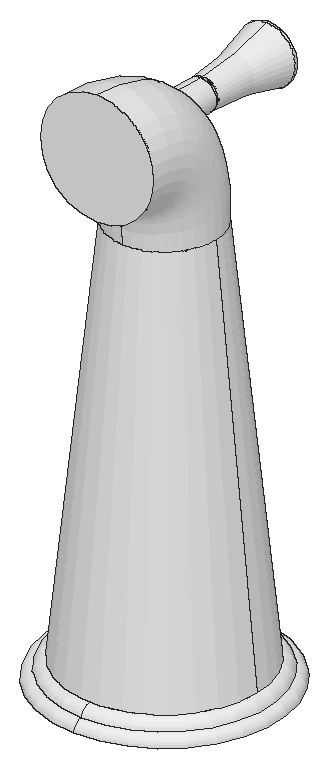
Revit family "xSpout-American_Standard-Slip_On-8888.101", category Plumbing Fixtures, host Face, Revit 2014
Parameters (values of type "8888.101")
  Width = 2 1/2"  # constant formula
  Water Connection Radius = 1/4"  # constant formula
  Water Connection Diameter = Water Connection Radius * 2  # 1/2"
  Waste Connection = yes
  Warranty Information = "Limited Lifetime Function and Finish Warranty"  # constant formula
  WFU = 4  # constant formula
  Vent Connection = no
  URL = "https://www.americanstandard-us.com/"
  Type Comments = ""
  Product Page URL = "https://www.americanstandard-us.com/bathroom/shower-faucets/patience-slip-on-diverter-tub-spout-32292"
  Product Documentation Link = "https://www.americanstandard-us.com/-/media/sites/asus/files/product-specs/tub-fillers/2017/specsheet-8888101.pdf?la=en"
  Price = "Prices may vary. Please consult Manufacturer Representative for most up-to-date price list."  # constant formula
  Model = "8888.101"  # constant formula
  Material = "Metal-American Standard-002-Polished Chrome"
  Manufacturer = "American Standard"  # constant formula
  Length = 6 5/8"  # constant formula
  Installation Type = "Wall Mounted"  # constant formula
  HWFU = 3  # constant formula
  HW Connection = yes
  Finish = Metal-American Standard-002-Polished Chrome
  Description = "Slip-On Diverter Tub Spout."  # constant formula
  Default Elevation = 21"  # constant formula
  Creation Date = "1/02/2018"  # constant formula
  CWFU = 3  # constant formula
  CW Connection = yes
  Assembly Code = "D2020300"
Reference planes (in)
  plane 1 "Center (Front/Back)": y = 0
  plane 2: z = 0
  plane 3 "Center (Left/Right)": x = 0
  plane 4: z = 6.625
Forms (in)
  Revolve 1, solid, material "Metal-American Standard-002-Polished Chrome" <- "Finish"
    sketch origin (0, 23.2877, 1.5) x (0, 1, 0) y (0, 0, 1)
      loop
        line (-23.25191, 5.125) -> (-21.51833, 5.125)
        arc (-21.51833, 5.125) -> (-21.52743, 5.30051) -> (-21.55107, 5.47465) r 2.11294
        arc (-21.55107, 5.47465) -> (-21.56649, 5.49696) -> (-21.59345, 5.49995) r 0.03267
        arc (-21.59345, 5.49995) -> (-22.11464, 5.37249) -> (-22.6493, 5.32753) r 3.444
        line (-22.6493, 5.32753) -> (-22.6493, 5.28589) -> (-22.68467, 5.28589) -> (-22.68467, 5.32818)
        arc (-22.68467, 5.32818) -> (-22.96872, 5.33885) -> (-23.25191, 5.36346) r 5.78577
        line (-23.25191, 5.36346) -> (-23.25191, 5.125)
      axis (-23.25191, 5.125) -> (-21.51833, 5.125)
    angle from 0 to 360
  Blend 2, solid, material "Metal-American Standard-002-Polished Chrome" <- "Finish"
    base sketch origin (0, 22, 0) x (1, 0, 0) y (0, 1, 0)
      loop
        circle (0, -22) r 1.25
    top sketch origin (0, 22, 0) x (1, 0, 0) y (0, 1, 0)
      loop
        circle (0, -22) r 0.67981
    from 0 to 5.41788
  SweptBlend 3, solid, material "Metal-American Standard-002-Polished Chrome" <- "Finish"
    path origin (0, 22, 0.03125) x (0, 1, 0) y (0, 0, 1)
      loop
        spline (-22, 5.38663) -> (-22.00769, 5.57943) -> (-22.03074, 5.75547) -> (-22.06917, 5.91474) -> (-22.12297, 6.05725) -> (-22.19214, 6.18299) -> (-22.27668, 6.29197) -> (-22.3766, 6.38418) -> (-22.49188, 6.45963) -> (-22.62254, 6.5183) -> (-22.76857, 6.56022) -> (-22.92996, 6.58537) -> (-23.10673, 6.59375)
    profile origin (0, 0, 5.41788) x (0, -1, 0) y (1, 0, 0)
      loop
        circle (0, 0) r 0.67981
    end profile origin (0, -1.10673, 6.625) x (0, 0, -1) y (1, 0, 0)
      loop
        circle (0, 0) r 0.75
  Revolve 4, solid, material "Metal-American Standard-002-Polished Chrome" <- "Finish"
    sketch origin (0, 22, 0) x (0, 1, 0) y (0, 0, 1)
      loop
        line (-22, 0) -> (-22, 0.25) -> (-23.21684, 0.25)
        arc (-23.21684, 0.25) -> (-23.31129, 0.21238) -> (-23.36328, 0.125) r 0.15801
        arc (-23.36328, 0.125) -> (-23.45167, 0.08839) -> (-23.48828, 0) r 0.125
        line (-23.48828, 0) -> (-22, 0)
      axis (-22, 0.25) -> (-22, 0)
    angle from 0 to 360
Cuts and joins
  joined: Revolve 1, Blend 2, SweptBlend 3, Revolve 4
Lines and regions (in)
  Masking region 1
    outline origin (0, 0, 0) x (1, 0, 0) y (0, 0, 1)
      loop
        arc (0.72205, 6.39103) -> (-0.00007, 7.37498) -> (-0.72205, 6.39092) r 0.75692
        arc (-0.72205, 6.39092) -> (-0.69704, 5.88894) -> (-0.67981, 5.38663) r 32.43776
        line (-0.67981, 5.38663) -> (-1.22359, 0.24949)
        arc (-1.22359, 0.24949) -> (-1.31397, 0.21029) -> (-1.36328, 0.125) r 0.15724
        arc (-1.36328, 0.125) -> (-1.45167, 0.08839) -> (-1.48828, 0) r 0.125
        line (-1.48828, 0) -> (1.48828, 0)
        arc (1.48828, 0) -> (1.45167, 0.08839) -> (1.36328, 0.125) r 0.125
        arc (1.36328, 0.125) -> (1.31397, 0.21029) -> (1.22359, 0.24949) r 0.15724
        line (1.22359, 0.24949) -> (0.67981, 5.38663)
        arc (0.67981, 5.38663) -> (0.69704, 5.88899) -> (0.72205, 6.39103) r 32.43776
  symbolic lines, detail levels medium+fine
    curve 1: circle (0, 0, 6.59192) r 0.38097 normal (0, -1, 0)
  symbolic lines, detail levels fine
    curve 2: line (-1.22374, 0, 0.24949) -> (1.22359, 0, 0.24949)
    curve 3: line (1.36328, 0, 0.125) -> (-1.36328, 0, 0.125)
Dimensions and locks (in)
  aligned and locked: plane 2 to host face
  aligned and locked: level to host face
Connectors (in)
  piping at (0, 0, 0), diameter 0.5, driven by "Water Connection Diameter"
    settings: on Blend 2, index 1, connector inside diameter 24", connector length 0", flow factor 0, pipe flow 0 GPM, pressure drop 0.00 psi, fitting loss kfactor 0, connector angle 0.00°, fixture units 0, engagement length 0", angle of deflection 0.00°, flow configuration 0, flow direction 1, fitting loss method 0, system type 29, joint type 0, gender type 0, connector reference index -1, connector utility 0, adjustable connector no, is connector primary yes, connector description "1/2\" Water Supply Inlet"
